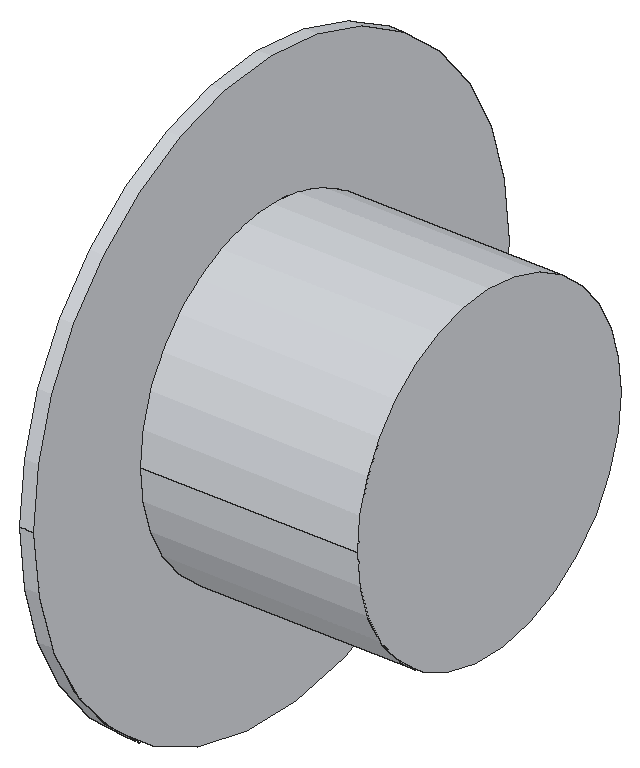
Revit family "Bucha de redução reta - Soldada - CU", category Conexões de tubo, Revit 2019
Family settings
  Cota do conector redondo = Usar raio
  Tipo de parte = Transição
  Com base no plano de trabalho = Não
  Sempre na vertical = Sim
  Corte com vazios quando carregada = Não
  Compartilhado = Não
Parameters (values of type "Padrão")
  Espessura da parede 2 [instance] = size_lookup(Nome da tabela de pesquisa, "WThk2", 0.01 * Diâmetro mínimo nominal 12 + 0.4 mm, Diâmetro mínimo nominal 12)  # 0.630 mm
  Espessura da parede 1 [instance] = size_lookup(Nome da tabela de pesquisa, "WThk1", 0.1 mm, Diâmetro nominal máximo 12)  # 0.035 mm
  Visibilidade 3 [instance] = Diâmetro nominal 1 = Diâmetro nominal 2  # no
  Visibilidade 2 [instance] = Diâmetro nominal 1 < Diâmetro nominal 2  # no
  Visibilidade 1 [instance] = Diâmetro nominal 1 > Diâmetro nominal 2  # yes
  Tamanho da marca de cota 2 [instance] = Diâmetro nominal 2 * 0.4  # 8.800 mm
  Tamanho da marca de cota 1 [instance] = Diâmetro nominal 1 * 0.4  # 16.800 mm
  Largura do soquete [instance] = size_lookup(Nome da tabela de pesquisa, "SWid", 0.47 * Diâmetro mínimo nominal 12 + 4.2 mm, Diâmetro mínimo nominal 12)  # 15.400 mm
  Diâmetro mín. externo [instance] = Diâmetro mínimo nominal 12 + Espessura da parede 2 * 2  # 23.260 mm
  Diâmetro externo máx. [instance] = Diâmetro nominal máximo 12 - Espessura da parede 1 * 2  # 41.930 mm
  Nome da tabela de pesquisa = "BR_Reducing Bush Straight - Soldered - CU"
  Comprimento 1 [instance] = if(Diâmetro nominal 1 > Diâmetro nominal 2, Largura do soquete, Largura da extremidade)  # 15.400 mm
  Diâmetro mínimo nominal 12 [instance] = if(Diâmetro nominal 1 > Diâmetro nominal 2, Diâmetro nominal 2, Diâmetro nominal 1)  # 22.000 mm
  Diâmetro nominal máximo 12 [instance] = if(Diâmetro nominal 1 > Diâmetro nominal 2, Diâmetro nominal 1, Diâmetro nominal 2)  # 42.000 mm
  Largura da extremidade [instance] = 1.000 mm
  Comprimento 2 [instance] = if(Diâmetro nominal 1 > Diâmetro nominal 2, Largura da extremidade, Largura do soquete)  # 1.000 mm
  Diâmetro externo 2 [instance] = if(Diâmetro nominal 1 > Diâmetro nominal 2, Diâmetro mín. externo, Diâmetro externo máx.)  # 23.260 mm
  Diâmetro externo 1 [instance] = if(Diâmetro nominal 1 > Diâmetro nominal 2, Diâmetro externo máx., Diâmetro mín. externo)  # 41.930 mm
  Raio nominal 2 [instance] = 11.000 mm
  Raio nominal 1 [instance] = 21.000 mm
  Diâmetro nominal 2 [instance] = Raio nominal 2 * 2  # 22.000 mm
  Diâmetro nominal 1 [instance] = Raio nominal 1 * 2  # 42.000 mm
  Método de perda = Coeficiente K da tabela
  Comprimento [instance] = Comprimento 2 + Comprimento 1  # 16.400 mm
  Tabela de coeficiente K = "Transição de contração/alargamento"
  Raio externo do soquete [instance] = Diâmetro externo 2 / 2  # 11.630 mm
  Raio externo final [instance] = Diâmetro externo 1 / 2  # 20.965 mm
Reference planes
  plane 1 "Centro (Frente/Trás)": y = 0
  plane 2: z = 0
  plane 3 "Centro (Esquerda/Direita)": x = 0
  plane 4: x = 1
  plane 5: x = 16.4
  plane 6: y = 16.8
  plane 7: y = -16.8
  plane 8: y = 8.8
  plane 9: y = -8.8
Forms (mm)
  Sweep 1, solid, detail levels fine
    path in 3D
      loop
        line (0, 0, 0) -> (1, 0, 0)
    profile origin (0.5, 0, 0) x (0, 1, 0) y (0, 0, 1)
      loop
        circle (0, 0) r 20.965
  Sweep 2, solid, detail levels fine
    path in 3D
      loop
        line (1, 0, 0) -> (16.4, 0, 0)
    profile origin (8.7, 0, 0) x (0, 1, 0) y (0, 0, 1)
      loop
        circle (0, 0) r 11.63
Cuts and joins
  joined: Sweep 1, Sweep 2
Lines and regions (mm)
  model lines, visible <- "Visibilidade 3", detail levels coarse+medium
    curve 1: line (0, 0, 0) -> (1, 0, 0)
    curve 2: line (1, 0, 0) -> (16.4, 0, 0)
  sketch lines
    curve 3: line (0, 0, 0) -> (1, 0, 0)
    curve 4: line (1, 0, 0) -> (16.4, 0, 0)
  model lines, visible <- "Visibilidade 1", detail levels coarse+medium
    curve 5: line (0, 16.8, 0) -> (16.4, 0, 0)
    curve 6: line (0, -16.8, 0) -> (16.4, 0, 0)
  model lines, visible <- "Visibilidade 2", detail levels coarse+medium
    curve 7: line (0, 0, 0) -> (16.4, 8.8, 0)
    curve 8: line (0, 0, 0) -> (16.4, -8.8, 0)
  model lines, detail levels coarse+medium
    curve 9: line (0, 16.8, 0) -> (0, -16.8, 0)
    curve 10: line (16.4, 8.8, 0) -> (16.4, -8.8, 0)
Dimensions and locks
  "Comprimento 2": plane 3 "Centro (Esquerda/Direita)" to plane 4
  "Tamanho da marca de cota 1": plane 6 to plane 1 "Centro (Frente/Trás)"
  equal spacing: plane 6, plane 1 "Centro (Frente/Trás)", plane 7
  "Tamanho da marca de cota 2": plane 8 to plane 1 "Centro (Frente/Trás)"
  equal spacing: plane 9, plane 1 "Centro (Frente/Trás)", plane 8
  "Comprimento 1": plane 4 to plane 5
  "Raio externo final": radius of Sweep 1 sketch curve
  "Raio externo do soquete": radius of Sweep 2 sketch curve
  aligned and locked: plane 5 to curve 2
  aligned and locked: plane 1 "Centro (Frente/Trás)" to curve 2
  aligned and locked: plane 3 "Centro (Esquerda/Direita)" to curve 5
  aligned and locked: plane 1 "Centro (Frente/Trás)" to curve 5
  aligned and locked: plane 1 "Centro (Frente/Trás)" to curve 7
  aligned and locked: plane 3 "Centro (Esquerda/Direita)" to curve 7
  aligned and locked: plane 8 to curve 7
  aligned and locked: curve 8 to plane 9
  aligned and locked: plane 6 to curve 9
  aligned and locked: plane 7 to curve 9
  aligned and locked: curve 10 to plane 5
  aligned and locked: plane 4 to curve 2
Automatic sketch dimensions
  Sweep 1 sketch curve to profile plane = 0 mm  (x2)
  Sweep 2 sketch curve to profile plane = 0 mm  (x2)
Connectors
  piping at (0, 0, 0), diameter 42, driven by "Raio nominal 1"
    settings: on Sweep 1, index 1, connector inside diameter 42.000 mm, connector length 0 mm, flow factor 0, pipe flow 0.0 L/s, pressure drop 0.0 Pa, fitting loss kfactor 0, connector angle 0.00°, fixture units 0, engagement length 0 mm, angle of deflection 0.00°, flow configuration 0, flow direction 0, fitting loss method 0, system type 28, joint type 0, gender type 0, connector reference index 2, connector utility 0, adjustable connector no, is connector primary yes, connector description ""
  piping at (16.4, 0, 0), diameter 22, driven by "Raio nominal 2"
    settings: on Sweep 2, index 2, connector inside diameter 22.000 mm, connector length 0 mm, flow factor 0, pipe flow 0.0 L/s, pressure drop 0.0 Pa, fitting loss kfactor 0, connector angle 0.00°, fixture units 0, engagement length 0 mm, angle of deflection 0.00°, flow configuration 0, flow direction 0, fitting loss method 0, system type 28, joint type 0, gender type 0, connector reference index 1, connector utility 0, adjustable connector no, is connector primary no, connector description ""
